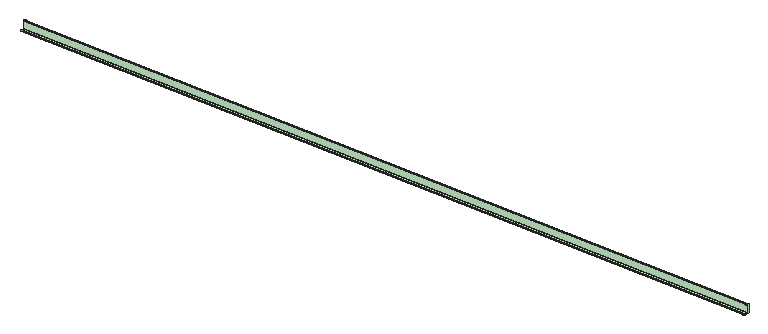
Revit family "アルミLバーeAL3520", category 機械設備, Revit 2020
Family settings
  丸型コネクタ寸法 = 直径を使用
  種別 = なし
  パーツ タイプ = 標準
  作業面ベース = いいえ
  常に垂直 = はい
  ロード時にボイドで切り取り = いいえ
  共有 = いいえ
  部屋計算ポイント = いいえ
Parameters
  製造元 = "株式会社桐井製作所"
  既定の高さ = 0 mm
  URL = "https://www.kirii.co.jp/"
  K_長さ(mm) = 3200 mm
  K_材質 = "アルミ押出形材　A6063S-T5"
  K_品名 = "アルミLバーeAL3520"
  K_名称 = "システム天井見切り"
  K_入数 = "20"
  K_バージョン情報 = "20220915"
Reference planes
  plane 1 "中心(正面/背面)": y = 0
  plane 2: z = 0
  plane 3 "中心(左/右)": x = 0
  plane 4: x = 3200
Forms (mm)
  Extrusion 1, solid
    sketch origin (0, 0, 0) x (0, 0, 1) y (0, -1, 0)
      loop
        line (1.8, 18.8) -> (1.8, 17.477) -> (2.4, 17.999) -> (2.4, 18.8)
        arc (2.4, 18.8) -> (1.2, 20) -> (0, 18.8) r 1.2
        line (0, 18.8) -> (0, 1.2)
        arc (0, 1.2) -> (0.351, 0.351) -> (1.2, 0) r 1.2
        line (1.2, 0) -> (33.8, 0)
        arc (33.8, 0) -> (35, 1.2) -> (33.8, 2.4) r 1.2
        line (33.8, 2.4) -> (32.948, 2.4) -> (32.426, 1.8) -> (33.8, 1.8)
        arc (33.8, 1.8) -> (34.4, 1.2) -> (33.8, 0.6) r 0.6
        line (33.8, 0.6) -> (1.2, 0.6)
        arc (1.2, 0.6) -> (0.776, 0.776) -> (0.6, 1.2) r 0.6
        line (0.6, 1.2) -> (0.6, 18.8)
        arc (0.6, 18.8) -> (1.2, 19.4) -> (1.8, 18.8) r 0.6
    from 0 to 3200
Dimensions and locks
  "K_長さ(mm)": plane 4 to plane 3 "中心(左/右)"
  aligned and locked: level to plane 2
Automatic sketch dimensions
  Extrusion 1 sketch curve to Extrusion 1 sketch curve = 0 mm  (x6)
  Extrusion 1 sketch curve to level = 0 mm
  Extrusion 1 sketch curve to plane 1 "中心(正面/背面)" = 0 mm
  Extrusion 1 sketch curve to Extrusion 1 sketch curve = 0.6 mm  (x3)
  plane 1 "中心(正面/背面)" to Extrusion 1 sketch curve = 1.8 mm
  Extrusion 1 sketch curve to Extrusion 1 sketch curve = 31.226 mm
  Extrusion 1 sketch curve to Extrusion 1 sketch curve = 0.522 mm  (x2)
  Extrusion 1 sketch curve to Extrusion 1 sketch curve = 0.852 mm
  Extrusion 1 sketch curve to Extrusion 1 sketch curve = 16.277 mm
  Extrusion 1 sketch curve to Extrusion 1 sketch curve = 0.801 mm
